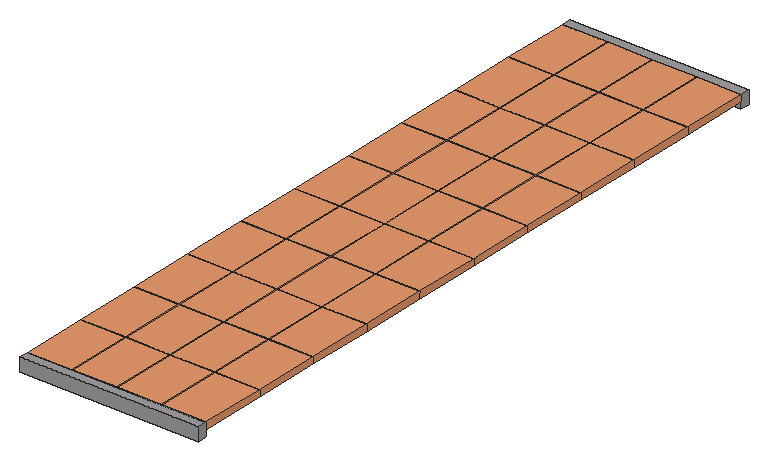
Revit family "LdA_ parete v madre", category Generic Models, host Face, Revit 2014
Parameters
  Default Elevation = 1219.2 mm
Reference planes
  plane 1 "Center (Front/Back)": y = 0
  plane 2: z = 0
  plane 3 "Center (Left/Right)": x = 0
  plane 4: x = -547.756
  plane 5: x = -547.756
  plane 6: x = 252.244
Dimensions and locks
  aligned and locked: plane 2 to host face
  aligned and locked: level to host face
Nested families
  nested 1: "LdA_ parete v ancoraggio" at (-547.756, 2655.346, 0), type "LdA_ parete v ancoraggio"
  nested 2: "LdA_ parete v ancoraggio" at (-547.756, -384.589, 0), type "LdA_ parete v ancoraggio"
  nested 3: "LdA_ parete v cavo" at (-522.006, -344.589, 38.224) x (-1, 0, 0) z (0, 1, 0), type "LdA_ parete v cavo"
  nested 4: "LdA_ parete v cavo" at (-382.006, -344.589, 48.192) x (0, 0, -1) z (0, 1, 0), type "LdA_ parete v cavo"
  nested 5: "LdA_ parete v laterizio" at (-347.756, -344.589, 30) x (-1, 0, 0) z (0, 1, 0), type "LdA_ parete v laterizio"
  nested 6: "LdA_ parete v laterizio" at (-547.756, -44.589, 60.002) x (1, 0, 0) z (0, 1, 0), type "LdA_ parete v laterizio"
  nested 7: "LdA_ parete v laterizio" at (-347.756, 255.411, 30.001) x (-1, 0, 0) z (0, 1, 0), type "LdA_ parete v laterizio"
  nested 8: "LdA_ parete v laterizio" at (-547.756, 555.411, 60.009) x (1, 0, 0) z (0, 1, 0), type "LdA_ parete v laterizio"
  nested 9: "LdA_ parete v laterizio" at (-347.755, 855.411, 30.009) x (-1, 0, 0) z (0, 1, 0), type "LdA_ parete v laterizio"
  nested 10: "LdA_ parete v laterizio" at (-547.755, 1155.411, 60.009) x (1, 0, 0) z (0, 1, 0), type "LdA_ parete v laterizio"
  nested 11: "LdA_ parete v laterizio" at (-347.755, 1455.411, 30.009) x (-1, 0, 0) z (0, 1, 0), type "LdA_ parete v laterizio"
  nested 12: "LdA_ parete v laterizio" at (-547.755, 1755.411, 60.009) x (1, 0, 0) z (0, 1, 0), type "LdA_ parete v laterizio"
  nested 13: "LdA_ parete v laterizio" at (-347.755, 2055.411, 30.012) x (-1, 0, 0) z (0, 1, 0), type "LdA_ parete v laterizio"
  nested 14: "LdA_ parete v laterizio" at (-547.755, 2355.411, 60.017) x (1, 0, 0) z (0, 1, 0), type "LdA_ parete v laterizio"
  nested 15: "LdA_ parete v cavo" at (-322.006, -344.589, 38.224) x (-1, 0, 0) z (0, 1, 0), type "LdA_ parete v cavo"
  nested 16: "LdA_ parete v cavo" at (-182.006, -344.589, 48.192) x (0, 0, -1) z (0, 1, 0), type "LdA_ parete v cavo"
  nested 17: "LdA_ parete v laterizio" at (-147.756, -344.589, 30) x (-1, 0, 0) z (0, 1, 0), type "LdA_ parete v laterizio"
  nested 18: "LdA_ parete v laterizio" at (-347.756, -44.589, 60.002) x (1, 0, 0) z (0, 1, 0), type "LdA_ parete v laterizio"
  nested 19: "LdA_ parete v laterizio" at (-147.756, 255.411, 30.001) x (-1, 0, 0) z (0, 1, 0), type "LdA_ parete v laterizio"
  nested 20: "LdA_ parete v laterizio" at (-347.756, 555.411, 60.009) x (1, 0, 0) z (0, 1, 0), type "LdA_ parete v laterizio"
  nested 21: "LdA_ parete v laterizio" at (-147.755, 855.411, 30.009) x (-1, 0, 0) z (0, 1, 0), type "LdA_ parete v laterizio"
  nested 22: "LdA_ parete v laterizio" at (-347.755, 1155.411, 60.009) x (1, 0, 0) z (0, 1, 0), type "LdA_ parete v laterizio"
  nested 23: "LdA_ parete v laterizio" at (-147.755, 1455.411, 30.009) x (-1, 0, 0) z (0, 1, 0), type "LdA_ parete v laterizio"
  nested 24: "LdA_ parete v laterizio" at (-347.755, 1755.411, 60.009) x (1, 0, 0) z (0, 1, 0), type "LdA_ parete v laterizio"
  nested 25: "LdA_ parete v laterizio" at (-147.755, 2055.411, 30.012) x (-1, 0, 0) z (0, 1, 0), type "LdA_ parete v laterizio"
  nested 26: "LdA_ parete v laterizio" at (-347.755, 2355.411, 60.017) x (1, 0, 0) z (0, 1, 0), type "LdA_ parete v laterizio"
  nested 27: "LdA_ parete v cavo" at (-122.006, -344.589, 38.224) x (-1, 0, 0) z (0, 1, 0), type "LdA_ parete v cavo"
  nested 28: "LdA_ parete v cavo" at (17.994, -344.589, 48.192) x (0, 0, -1) z (0, 1, 0), type "LdA_ parete v cavo"
  nested 29: "LdA_ parete v laterizio" at (52.244, -344.589, 30) x (-1, 0, 0) z (0, 1, 0), type "LdA_ parete v laterizio"
  nested 30: "LdA_ parete v laterizio" at (-147.756, -44.589, 60.002) x (1, 0, 0) z (0, 1, 0), type "LdA_ parete v laterizio"
  nested 31: "LdA_ parete v laterizio" at (52.244, 255.411, 30.001) x (-1, 0, 0) z (0, 1, 0), type "LdA_ parete v laterizio"
  nested 32: "LdA_ parete v laterizio" at (-147.756, 555.411, 60.009) x (1, 0, 0) z (0, 1, 0), type "LdA_ parete v laterizio"
  nested 33: "LdA_ parete v laterizio" at (52.245, 855.411, 30.009) x (-1, 0, 0) z (0, 1, 0), type "LdA_ parete v laterizio"
  nested 34: "LdA_ parete v laterizio" at (-147.755, 1155.411, 60.009) x (1, 0, 0) z (0, 1, 0), type "LdA_ parete v laterizio"
  nested 35: "LdA_ parete v laterizio" at (52.245, 1455.411, 30.009) x (-1, 0, 0) z (0, 1, 0), type "LdA_ parete v laterizio"
  nested 36: "LdA_ parete v laterizio" at (-147.755, 1755.411, 60.009) x (1, 0, 0) z (0, 1, 0), type "LdA_ parete v laterizio"
  nested 37: "LdA_ parete v laterizio" at (52.245, 2055.411, 30.012) x (-1, 0, 0) z (0, 1, 0), type "LdA_ parete v laterizio"
  nested 38: "LdA_ parete v laterizio" at (-147.755, 2355.411, 60.017) x (1, 0, 0) z (0, 1, 0), type "LdA_ parete v laterizio"
  nested 39: "LdA_ parete v cavo" at (77.994, -344.589, 38.224) x (-1, 0, 0) z (0, 1, 0), type "LdA_ parete v cavo"
  nested 40: "LdA_ parete v cavo" at (217.994, -344.589, 48.192) x (0, 0, -1) z (0, 1, 0), type "LdA_ parete v cavo"
  nested 41: "LdA_ parete v laterizio" at (252.244, -344.589, 30) x (-1, 0, 0) z (0, 1, 0), type "LdA_ parete v laterizio"
  nested 42: "LdA_ parete v laterizio" at (52.244, -44.589, 60.002) x (1, 0, 0) z (0, 1, 0), type "LdA_ parete v laterizio"
  nested 43: "LdA_ parete v laterizio" at (252.244, 255.411, 30.001) x (-1, 0, 0) z (0, 1, 0), type "LdA_ parete v laterizio"
  nested 44: "LdA_ parete v laterizio" at (52.244, 555.411, 60.009) x (1, 0, 0) z (0, 1, 0), type "LdA_ parete v laterizio"
  nested 45: "LdA_ parete v laterizio" at (252.245, 855.411, 30.009) x (-1, 0, 0) z (0, 1, 0), type "LdA_ parete v laterizio"
  nested 46: "LdA_ parete v laterizio" at (52.245, 1155.411, 60.009) x (1, 0, 0) z (0, 1, 0), type "LdA_ parete v laterizio"
  nested 47: "LdA_ parete v laterizio" at (252.245, 1455.411, 30.009) x (-1, 0, 0) z (0, 1, 0), type "LdA_ parete v laterizio"
  nested 48: "LdA_ parete v laterizio" at (52.245, 1755.411, 60.009) x (1, 0, 0) z (0, 1, 0), type "LdA_ parete v laterizio"
  nested 49: "LdA_ parete v laterizio" at (252.245, 2055.411, 30.012) x (-1, 0, 0) z (0, 1, 0), type "LdA_ parete v laterizio"
  nested 50: "LdA_ parete v laterizio" at (52.245, 2355.411, 60.017) x (1, 0, 0) z (0, 1, 0), type "LdA_ parete v laterizio"
Definition of nested family "LdA_ parete v ancoraggio"
  Parameters (values of type "LdA_ parete v ancoraggio")
    spessore ancoraggio = 40 mm
    base ancoraggio = 800 mm
    altezza ancoraggio = 60 mm
    Default Elevation = 1219.2 mm
  Reference planes
    plane 1 "Center (Front/Back)": y = 0
    plane 2: z = 0
    plane 3 "Center (Left/Right)": x = 0
    plane 4: y = 40
    plane 5: x = 1219.2
    plane 6: z = 60
    plane 7: x = 800
  Forms (mm)
    Extrusion 1, solid
      sketch origin (0, 0, 0) x (1, 0, 0) y (0, 1, 0)
        loop
          line (-1219.2, 1219.2) -> (-1219.2, -1219.2) -> (1219.2, -1219.2) -> (1219.2, 1219.2) -> (-1219.2, 1219.2)
      from 0 to -304.8
    Extrusion 2, solid, material "LdA_alluminio"
      sketch origin (0, 0, 0) x (1, 0, 0) y (0, 1, 0)
        loop
          line (0, 40) -> (0, 0) -> (800, 0) -> (800, 40) -> (0, 40)
      from 0 to 60
  Dimensions and locks
    "altezza ancoraggio": plane 6 to Extrusion 1
    "spessore ancoraggio": plane 4 to plane 1 "Center (Front/Back)"
    "base ancoraggio": plane 3 "Center (Left/Right)" to plane 7
    aligned and locked: plane 2 to Extrusion 1
    aligned and locked: level to Extrusion 1
    aligned and locked: plane 6 to Extrusion 2
    aligned and locked: plane 1 "Center (Front/Back)" to Extrusion 2
    aligned and locked: Extrusion 2 to plane 3 "Center (Left/Right)"
    aligned and locked: plane 4 to Extrusion 2
    aligned and locked: plane 7 to Extrusion 2
  Automatic sketch dimensions
    Extrusion 1 sketch curve to Extrusion 1 sketch curve = 2438.4 mm  (x2)
    plane 1 "Center (Front/Back)" to Extrusion 2 sketch curve = 0 mm
    Extrusion 2 sketch curve to plane 3 "Center (Left/Right)" = 0 mm
    Extrusion 2 sketch curve to plane 5 = 419.2 mm
    Extrusion 2 sketch curve to plane 4 = 0 mm
Definition of nested family "LdA_ parete v cavo"
  Parameters (values of type "LdA_ parete v cavo")
    spessore cavo = 3000 mm
    lunghezza cavo = 10 mm
    Default Elevation = 1219.2 mm
  Reference planes
    plane 1 "Center (Front/Back)": y = 0
    plane 2: z = 0
    plane 3 "Center (Left/Right)": x = 0
    plane 4: x = 10
    plane 5: y = 10
    plane 6: z = 3000
  Forms (mm)
    Extrusion 1, solid
      sketch origin (0, 0, 0) x (1, 0, 0) y (0, 1, 0)
        loop
          line (-1219.2, 1219.2) -> (-1219.2, -1219.2) -> (1219.2, -1219.2) -> (1219.2, 1219.2) -> (-1219.2, 1219.2)
      from 0 to -304.8
    Extrusion 2, solid, material "LdA_ferro"
      sketch origin (0, 0, 0) x (1, 0, 0) y (0, 1, 0)
        loop
          line (0, 10) -> (0, 0) -> (10, 0) -> (10, 10) -> (0, 10)
      from 0 to 3000
  Dimensions and locks
    "lunghezza cavo": plane 5 to plane 1 "Center (Front/Back)"
    "lunghezza cavo": plane 3 "Center (Left/Right)" to plane 4
    "spessore cavo": plane 6 to Extrusion 1
    aligned and locked: plane 2 to Extrusion 1
    aligned and locked: level to Extrusion 1
    aligned and locked: plane 5 to Extrusion 2
    aligned and locked: plane 4 to Extrusion 2
    aligned and locked: plane 1 "Center (Front/Back)" to Extrusion 2
    aligned and locked: Extrusion 2 to plane 3 "Center (Left/Right)"
    aligned and locked: plane 6 to Extrusion 2
  Automatic sketch dimensions
    Extrusion 1 sketch curve to Extrusion 1 sketch curve = 2438.4 mm  (x2)
    plane 1 "Center (Front/Back)" to Extrusion 2 sketch curve = 0 mm
    Extrusion 2 sketch curve to plane 3 "Center (Left/Right)" = 0 mm
    Extrusion 2 sketch curve to plane 4 = 0 mm
    Extrusion 2 sketch curve to plane 5 = 0 mm
Definition of nested family "LdA_ parete v laterizio"
  Parameters (values of type "LdA_ parete v laterizio")
    spessore rivestimento = 30 mm
    base rivestimento = 200 mm
    altezza rivestimento = 300 mm
    Default Elevation = 1219.2 mm
  Reference planes
    plane 1 "Center (Front/Back)": y = 0
    plane 2: z = 0
    plane 3 "Center (Left/Right)": x = 0
    plane 4: y = 30
    plane 5: x = 200
    plane 6: z = 300
  Forms (mm)
    Extrusion 1, solid
      sketch origin (0, 0, 0) x (1, 0, 0) y (0, 1, 0)
        loop
          line (-1219.2, 1219.2) -> (-1219.2, -1219.2) -> (1219.2, -1219.2) -> (1219.2, 1219.2) -> (-1219.2, 1219.2)
      from 0 to -304.8
    Extrusion 2, solid, material "LdA_ laterizio"
      sketch origin (0, 0, 0) x (1, 0, 0) y (0, 1, 0)
        loop
          line (0, 30) -> (0, 0) -> (200, 0) -> (200, 30) -> (0, 30)
      from 0 to 300
  Dimensions and locks
    "spessore rivestimento": plane 4 to plane 1 "Center (Front/Back)"
    "base rivestimento": plane 3 "Center (Left/Right)" to plane 5
    "altezza rivestimento": plane 6 to Extrusion 1
    aligned and locked: plane 2 to Extrusion 1
    aligned and locked: level to Extrusion 1
    aligned and locked: Extrusion 2 sketch curve to plane 4
    aligned and locked: Extrusion 2 sketch curve to plane 5
    aligned and locked: Extrusion 2 sketch curve to plane 1 "Center (Front/Back)"
    aligned and locked: plane 3 "Center (Left/Right)" to Extrusion 2 sketch curve
    aligned and locked: plane 6 to Extrusion 2
  Automatic sketch dimensions
    Extrusion 1 sketch curve to Extrusion 1 sketch curve = 2438.4 mm  (x2)
